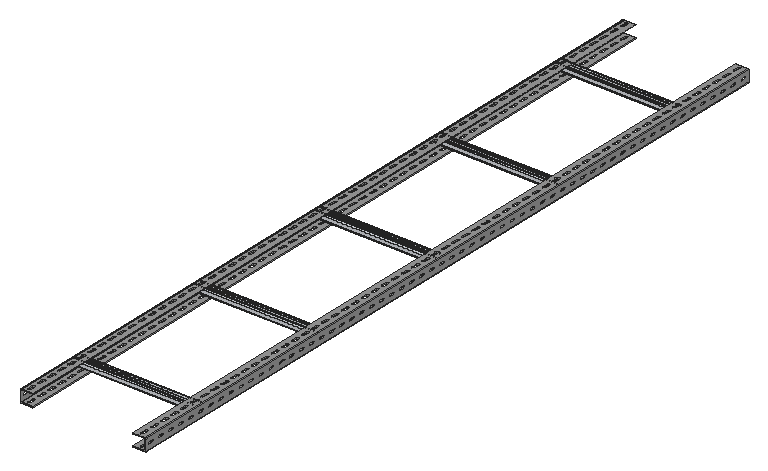
Revit family "steigeleiter__5_FT_FTSO_FTK_A2_A4.500rfa", category Generic Models, Revit 2017 (continued)
Automatic sketch dimensions
  Extrusion 365 sketch curve to Extrusion 365 sketch curve = 4 mm  (x2)
  Extrusion 365 sketch curve to Extrusion 365 sketch curve = 0 mm  (x20)
  Extrusion 365 sketch curve to Extrusion 365 sketch curve = 13 mm  (x2)
  Extrusion 366 sketch curve to Extrusion 366 sketch curve = 2 mm  (x2)
  Extrusion 366 sketch curve to Extrusion 366 sketch curve = 1 mm  (x2)
  Extrusion 366 sketch curve to Extrusion 366 sketch curve = 1.5 mm  (x2)
  Extrusion 366 sketch curve to Extrusion 366 sketch curve = 4 mm  (x2)
  Extrusion 366 sketch curve to Extrusion 366 sketch curve = 0 mm  (x20)
  Extrusion 366 sketch curve to Extrusion 366 sketch curve = 13 mm  (x2)
